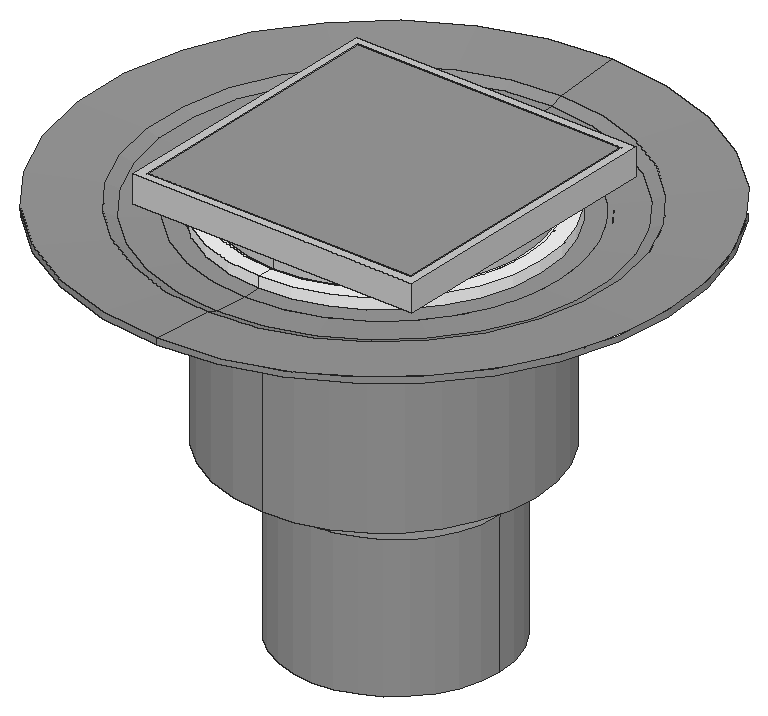
Revit family "HL_Трап для внутренних помещений_HL317", category Instalační zařizovací předměty, Revit 2016
Family settings
  Typ součásti = Normální
  Kóta kulaté spojky = Použít průměr
  Číslo OmniClass = 23.70.50.21.24.14
  Nadpis OmniClass = Deck Waste Water Drains
  Založené na pracovní rovině = Ne
  Vždy vertikální = Ano
  Ořezat dutým tvarem při načtení = Ne
  Sdílené = Ano
  Bod výpočtu místnosti = Ano
Parameters (values of type "HL317")
  РЕШЁТКА = "138 x 138 mm / V2A"
  РАЗМЕР = "DN50/75/110"
  ПРОПУСКНАЯ СПОСОБНОСТЬ = 1.8 L/s
  ПРОИЗВОДИТЕЛЬНОСТЬ = "1,8 l/s"
  ПРАВОВАЯ ИНФОРМАЦИЯ = "Авторские права(©), права на дизайн или какие либо другие права интелектуальной собственности являются исключительной собственностью компании HL Hutterer & Lechner. Изменению не подлежит. Файл семейства с данными о прозводителе изделия защищен паролем с водяным знаком."  # constant formula
  НОМИНАЛЬНЫЙ ДИАМЕТР [instance] = 110 mm
  НАСАДКА = "20-70 mm / 147 x 147 mm / PP"
  МАТЕРИАЛ = "PP"
  МАКСИМАЛЬНАЯ НАГРУЗКА КЛАССА = "K3 - 300kg"
  ВЫСОТА МОНТАЖА = "220 mm"
  ВЕС = "1,05 [kg]"
  SV [instance] = НОМИНАЛЬНЫЙ ДИАМЕТР = 110 mm  # yes
  Připojení ventilace = no
  Výrobce = "HL Hutterer & Lechner GmbH"  # constant formula
  URL = "http://www.hutterer-lechner.com/ru/Products/catalog/floor-drains/attachments/HL317.aspx"
  Připojení odpadu = yes
  Připojení HW = no
  Popis = "Трапы для внутренних помещений"
  Model = "HL317"
  Komentáře k typům = "HL317 Трап для внутренних помещений DN50/75/110 вертикальный 147х147мм/138х138мм"
  Keynote = "HL317"
  Высота монтажа [instance] = 220 mm
  EAN = "9003076703173"
  DN_test [instance] = if(or(НОМИНАЛЬНЫЙ ДИАМЕТР = 50 mm, НОМИНАЛЬНЫЙ ДИАМЕТР = 75 mm, НОМИНАЛЬНЫЙ ДИАМЕТР = 110 mm), 30 mm, 0 mm)  # 30 mm
  Připojení CW = no
  D [instance] = if(НОМИНАЛЬНЫЙ ДИАМЕТР = 110 mm, 6 mm, 0 mm)  # 6 mm
  C [instance] = if(НОМИНАЛЬНЫЙ ДИАМЕТР = 110 mm, 202 mm, if(НОМИНАЛЬНЫЙ ДИАМЕТР = 75 mm, 172 mm, 166 mm))  # 202 mm
  B [instance] = Высота монтажа  # 220 mm
  A [instance] = if(B - 100 mm > 15 mm, B - 100 mm, 15 mm)  # 120 mm
Reference planes
  plane 1 "Center (Front/Back)": y = 0
  plane 2: z = 0
  plane 3 "Center (Left/Right)": x = 0
  plane 4 "Ball Joint Vertical": x = 25.45
  plane 5: z = -220
  plane 6: z = -220
Lines and regions (mm)
  model lines, style "InvisibleLines"
    curve 1: line (0, 0, 0) -> (0, 0, 1000)
  reference lines
    curve 2: line (6, 0, 0) -> (6, 0, -220)
  model lines, detail levels coarse+medium
    curve 3: line (0, 0, -220) -> (0, 0, -100)
    curve 4: line (0, 0, -100) -> (100, 0, 0)
    curve 5: line (0, 0, -100) -> (-100, 0, 0)
  symbolic lines, detail levels coarse+medium
    curve 6: line (-75, 75, 0) -> (75, 75, 0)
    curve 7: line (-75, -75, 0) -> (-75, 75, 0)
    curve 8: line (75, -75, 0) -> (-75, -75, 0)
    curve 9: line (75, 75, 0) -> (75, -75, 0)
    curve 10: line (75, 75, 0) -> (145.711, 145.711, 0)
    curve 11: line (75, -75, 0) -> (145.711, -145.711, 0)
    curve 12: line (-75, 75, 0) -> (-145.711, 145.711, 0)
    curve 13: line (-75, -75, 0) -> (-145.711, -145.711, 0)
  symbolic lines, not visible, detail levels coarse+medium
    curve 14: line (-75, 75, 0) -> (75, 75, 0)
    curve 15: line (-75, -75, 0) -> (-75, 75, 0)
    curve 16: line (75, -75, 0) -> (-75, -75, 0)
    curve 17: line (75, 75, 0) -> (75, -75, 0)
    curve 18: line (75, 75, 0) -> (145.711, 145.711, 0)
    curve 19: line (75, -75, 0) -> (145.711, -145.711, 0)
    curve 20: line (-75, 75, 0) -> (-145.711, 145.711, 0)
    curve 21: line (-75, -75, 0) -> (-145.711, -145.711, 0)
  symbolic lines, style "InvisibleLines", not visible
    curve 22: line (0, 0, 0) -> (0, 0, -30)
Text (mm)
  text "ПОЛ" at (-221.915, 0, -26.556), in view "Drain Construction View"
Dimensions and locks
  locked: plane 4 "Ball Joint Vertical" to plane 3 "Center (Left/Right)" at 25.45
  "Высота монтажа": plane 2 to plane 5
  "A": curve 5 to plane 6
  "B": curve 5 to plane 6
  "B": curve 4 to plane 6
  "B": plane 2 to plane 6
  "DN_test": curve 22 to curve 22
  "D": curve 2 to plane 3 "Center (Left/Right)"
  "C": nested 1 to plane 5
  locked: curve 4 to plane 3 "Center (Left/Right)" (angle 45.00°)
  locked: plane 3 "Center (Left/Right)" to curve 5 (angle 45.00°)
  aligned and locked: level to plane 2
  aligned and locked: plane 2 to curve 1
  aligned and locked: plane 3 "Center (Left/Right)" to curve 1
  aligned and locked: plane 3 "Center (Left/Right)" to curve 3
  aligned and locked: plane 3 "Center (Left/Right)" to curve 5
  aligned and locked: plane 2 to curve 2
  aligned and locked: plane 6 to curve 2
  aligned and locked: plane 6 to curve 3
  aligned and locked: plane 5 to nested 4
Automatic sketch dimensions
  level to curve 1 = 1000 mm
Nested families
  nested 1: "HL_Корпус для трапа внутренних помещений_HL317K" at (0, 0, -18), type "HL317K_Main Component"
  nested 2: "HL_Решётка_HL0317.1E" at (0, 0, 0), type "HL0317.1E_Main Component"
  nested 3: "HL_Насадка_HL0317.2E" at (0, 0, 0), type "HL0317.2E_Main Component"
    with Высота монтажа 20 mm, ВМ_Тест yes, ВМ 40 mm
  nested 4: "HL_Уменьшение_HL0317.4E" at (61, 0, -146) x (0, 0, -1) z (1, 0, 0), visible <- "SV", type "HL0317.4E_Main Component"
  nested 5: "HL_Песколовка_HL0317.5E" at (0, 0, -5), type "HL0317.5E_Main Component"
Connectors
  piping at (6, 0, -220), diameter 110, driven by "ПРОПУСКНАЯ СПОСОБНОСТЬ", driven by "НОМИНАЛЬНЫЙ ДИАМЕТР"
    settings: on curve 2, index 1, connector inside diameter 609.6 mm, connector length 0 mm, flow factor 0, pipe flow 1.8 L/s, pressure drop 0.0 Pa, fitting loss kfactor 0, connector angle 0.00°, fixture units 0, engagement length 0 mm, angle of deflection 0.00°, flow configuration 1, flow direction 2, fitting loss method 0, system type 16, joint type 0, gender type 0, connector reference index -1, connector utility 0, adjustable connector no, is connector primary yes, connector description ""
Definition of nested family "HL_Корпус для трапа внутренних помещений_HL317K"
  Parameters (values of type "HL317K")
    РАЗМЕР = "DN50/75/110"
    ПРАВОВАЯ ИНФОРМАЦИЯ = "Авторские права(©), права на дизайн или какие либо другие права интелектуальной собственности являются исключительной собственностью компании HL Hutterer & Lechner. Изменению не подлежит. Файл семейства с данными о прозводителе изделия защищен паролем с водяным знаком."  # constant formula
    МАТЕРИАЛ = "PP"
    ВЫСОТА МОНТАЖА = "200 mm"
    ВЕС = "0,79 [kg]"
    Waste Connection = yes
    Vent Connection = no
    Manufacturer = "HL Hutterer & Lechner GmbH"  # constant formula
    URL = "http://www.hutterer-lechner.com/ru/Products/catalog/floor-drains/attachments/HL317K.aspx"
    HW Connection = no
    Description = "Трапы для внутренних помещений - Комплектующие"
    Model = "HL317K"
    Type Comments = "HL317K Корпус трапа для внутренних помещений DN50/75/110 вертикальный"
    Keynote = "HL317K"
    EAN = "9003076009022"
    CW Connection = no
  Reference planes
    plane 1 "Center (Front/Back)": y = 0
    plane 2: z = 0
    plane 3 "Center (Left/Right)": x = 0
    plane 4 "Ball Joint Vertical": x = 25.45
  Forms (mm)
    Revolve 1, solid, detail levels fine
      sketch origin (0, 0, 0) x (0, 1, 0) y (0, 0, 1)
        loop
          line (150, -3.007) -> (150, 0) -> (116.132, -2.368) -> (110.257, -4.717) -> (92.001, -6.067) -> (82.5, -6.067) -> (77, -6.067) -> (77, -109.845) -> (30.2, -109.845) -> (30.2, -41.845) -> (27.829, -41.845) -> (27.015, -111.095) -> (21.9, -111.095) -> (21.9, -165.945) -> (25, -165.945) -> (25, -112.845) -> (34.4, -112.845) -> (34.4, -171.845) -> (37.5, -171.845) -> (37.5, -112.845) -> (80, -112.845) -> (80, -38.27) -> (89.2, -25.112) -> (89.2, -17.144) -> (94.095, -17.144) -> (94.527, -8.889) -> (110.94, -7.674) -> (116.81, -5.328) -> (150, -3.007)
        loop
          line (39.5, -91.845) -> (41.5, -91.845) -> (41.5, -19.345) -> (0, -19.345) -> (0, -22.345) -> (39.5, -22.345) -> (39.5, -91.845)
        axis (0, 0) -> (0, -171.845)
      angle from 0 to 360
    Revolve 2, solid, detail levels fine
      sketch origin (0, 0, 0) x (0, 1, 0) y (0, 0, 1)
        loop
          line (82.5, -6.067) -> (82.5, -0.345) -> (74.9, -0.345)
          arc (74.9, -0.345) -> (72.291, -1.865) -> (72.325, -4.884) r 3
          line (72.325, -4.884) -> (73, -6.845) -> (73, -35.321) -> (77, -35.321) -> (77, -6.067) -> (82.5, -6.067)
        axis (0, -0.345) -> (0, -35.321)
      angle from 0 to 360
  Text (mm)
    text "ROOF/FLOOR" at (-198.233, 0, -26.556), in view "Drain Construction View"
  Dimensions and locks
    locked: plane 4 "Ball Joint Vertical" to plane 3 "Center (Left/Right)" at 25.45
    aligned and locked: level to plane 2
Definition of nested family "HL_Решётка_HL0317.1E"
  Parameters (values of type "HL0317.1E")
    РАЗМЕР = "138x138 mm"
    ПРАВОВАЯ ИНФОРМАЦИЯ = "Авторские права(©), права на дизайн или какие либо другие права интелектуальной собственности являются исключительной собственностью компании HL Hutterer & Lechner. Изменению не подлежит. Файл семейства с данными о прозводителе изделия защищен паролем с водяным знаком."  # constant formula
    МАТЕРИАЛ = "V2A"
    МАКСИМАЛЬНАЯ НАГРУЗКА КЛАССА = "K3 - 300 kg"
    ВЕС = "0,20 [kg]"
    Waste Connection = yes
    Vent Connection = no
    Manufacturer = "HL Hutterer & Lechner GmbH"  # constant formula
    URL = "http://www.hutterer-lechner.com/ru/Products/catalog/floor-drains/attachments/HL0317.1E.aspx"
    HW Connection = no
    Description = "Трапы для внутренних помещений - Комплектующие"
    Model = "HL0317.1E"
    Type Comments = "HL0317.1E Решетка для сливных отверстий из высококачественной стали 138х138мм"
    Keynote = "HL0317.1E"
    EAN = "9003076317011"
    CW Connection = no
  Reference planes
    plane 1 "Center (Front/Back)": y = 0
    plane 2: z = 0
    plane 3 "Center (Left/Right)": x = 0
    plane 4 "Ball Joint Vertical": x = 25.45
  Forms (mm)
    Extrusion 1, solid, detail levels fine
      sketch origin (0, 0, 0) x (1, 0, 0) y (0, 1, 0)
        loop
          line (-69, 69) -> (-69, -69) -> (69, -69) -> (69, 69) -> (-69, 69)
      from 0 to -5
  Lines and regions (mm)
    model lines, detail levels fine
      curve 1: line (40.5, 59.75, 0) -> (-40.5, 59.75, 0)
      curve 2: line (-40.5, 52.25, 0) -> (40.5, 52.25, 0)
      curve 3: line (24.5, 43.75, 0) -> (-24.5, 43.75, 0)
      curve 4: line (-24.5, 36.25, 0) -> (24.5, 36.25, 0)
      curve 5: line (8.5, 27.75, 0) -> (-8.5, 27.75, 0)
      curve 6: line (-8.5, 20.25, 0) -> (8.5, 20.25, 0)
      curve 7: arc (-8.5, 27.75, 0) -> (-12.25, 24, 0) -> (-8.5, 20.25, 0) r 3.75
      curve 8: arc (8.5, 20.25, 0) -> (12.25, 24, 0) -> (8.5, 27.75, 0) r 3.75
      curve 9: arc (24.5, 36.25, 0) -> (28.25, 40, 0) -> (24.5, 43.75, 0) r 3.75
      curve 10: arc (40.5, 52.25, 0) -> (44.25, 56, 0) -> (40.5, 59.75, 0) r 3.75
      curve 11: arc (-40.5, 59.75, 0) -> (-44.25, 56, 0) -> (-40.5, 52.25, 0) r 3.75
      curve 12: arc (-24.5, 43.75, 0) -> (-28.25, 40, 0) -> (-24.5, 36.25, 0) r 3.75
      curve 13: line (-59.75, 40.5, 0) -> (-59.75, -40.5, 0)
      curve 14: line (-52.25, -40.5, 0) -> (-52.25, 40.5, 0)
      curve 15: line (-43.75, 24.5, 0) -> (-43.75, -24.5, 0)
      curve 16: line (-36.25, -24.5, 0) -> (-36.25, 24.5, 0)
      curve 17: line (-27.75, 8.5, 0) -> (-27.75, -8.5, 0)
      curve 18: line (-20.25, -8.5, 0) -> (-20.25, 8.5, 0)
      curve 19: arc (-20.25, 8.5, 0) -> (-24, 12.25, 0) -> (-27.75, 8.5, 0) r 3.75
      curve 20: arc (-27.75, -8.5, 0) -> (-24, -12.25, 0) -> (-20.25, -8.5, 0) r 3.75
      curve 21: arc (-43.75, -24.5, 0) -> (-40, -28.25, 0) -> (-36.25, -24.5, 0) r 3.75
      curve 22: arc (-36.25, 24.5, 0) -> (-40, 28.25, 0) -> (-43.75, 24.5, 0) r 3.75
      curve 23: arc (-52.25, 40.5, 0) -> (-56, 44.25, 0) -> (-59.75, 40.5, 0) r 3.75
      curve 24: arc (-59.75, -40.5, 0) -> (-56, -44.25, 0) -> (-52.25, -40.5, 0) r 3.75
      curve 25: line (8.5, -20.25, 0) -> (-8.5, -20.25, 0)
      curve 26: line (-8.5, -27.75, 0) -> (8.5, -27.75, 0)
      curve 27: line (24.5, -36.25, 0) -> (-24.5, -36.25, 0)
      curve 28: line (-24.5, -43.75, 0) -> (24.5, -43.75, 0)
      curve 29: line (40.5, -52.25, 0) -> (-40.5, -52.25, 0)
      curve 30: line (-40.5, -59.75, 0) -> (40.5, -59.75, 0)
      curve 31: arc (-40.5, -52.25, 0) -> (-44.25, -56, 0) -> (-40.5, -59.75, 0) r 3.75
      curve 32: arc (40.5, -59.75, 0) -> (44.25, -56, 0) -> (40.5, -52.25, 0) r 3.75
      curve 33: arc (24.5, -43.75, 0) -> (28.25, -40, 0) -> (24.5, -36.25, 0) r 3.75
      curve 34: arc (-24.5, -36.25, 0) -> (-28.25, -40, 0) -> (-24.5, -43.75, 0) r 3.75
      curve 35: arc (-8.5, -20.25, 0) -> (-12.25, -24, 0) -> (-8.5, -27.75, 0) r 3.75
      curve 36: arc (8.5, -27.75, 0) -> (12.25, -24, 0) -> (8.5, -20.25, 0) r 3.75
      curve 37: line (20.25, 8.5, 0) -> (20.25, -8.5, 0)
      curve 38: line (27.75, -8.5, 0) -> (27.75, 8.5, 0)
      curve 39: line (36.25, 24.5, 0) -> (36.25, -24.5, 0)
      curve 40: line (43.75, -24.5, 0) -> (43.75, 24.5, 0)
      curve 41: line (52.25, 40.5, 0) -> (52.25, -40.5, 0)
      curve 42: line (59.75, -40.5, 0) -> (59.75, 40.5, 0)
      curve 43: arc (52.25, -40.5, 0) -> (56, -44.25, 0) -> (59.75, -40.5, 0) r 3.75
      curve 44: arc (36.25, -24.5, 0) -> (40, -28.25, 0) -> (43.75, -24.5, 0) r 3.75
      curve 45: arc (20.25, -8.5, 0) -> (24, -12.25, 0) -> (27.75, -8.5, 0) r 3.75
      curve 46: arc (27.75, 8.5, 0) -> (24, 12.25, 0) -> (20.25, 8.5, 0) r 3.75
      curve 47: arc (43.75, 24.5, 0) -> (40, 28.25, 0) -> (36.25, 24.5, 0) r 3.75
      curve 48: arc (59.75, 40.5, 0) -> (56, 44.25, 0) -> (52.25, 40.5, 0) r 3.75
      curve 49: line (-6.994, -2.339, 0) -> (-2.397, -6.935, 0)
      curve 50: line (-4.077, -3.134, 0) -> (-5.933, -1.278, 0)
      curve 51: line (-1.337, -5.874, 0) -> (-3.193, -4.018, 0)
      curve 52: line (-3.193, -4.018, 0) -> (-0.718, -1.543, 0)
      curve 53: line (-1.602, -0.659, 0) -> (-4.077, -3.134, 0)
      curve 54: line (-0.718, -1.543, 0) -> (1.138, -3.399, 0)
      curve 55: line (-3.458, 1.197, 0) -> (-1.602, -0.659, 0)
      curve 56: line (-1.337, 3.318, 0) -> (2.906, -0.925, 0)
      curve 57: line (3.967, 0.136, 0) -> (-0.276, 4.379, 0)
      curve 58: line (6.353, 2.523, 0) -> (3.967, 0.136, 0)
      curve 59: line (4.674, -0.925, 0) -> (7.237, 1.639, 0)
      curve 60: arc (-6.994, -2.339, 0) -> (-6.994, -1.278, 0) -> (-5.933, -1.278, 0) r 0.75
      curve 61: arc (-3.458, 1.197, 0) -> (-3.458, 2.257, 0) -> (-2.397, 2.257, 0) r 0.75
      curve 62: arc (-1.337, 3.318, 0) -> (-1.337, 4.379, 0) -> (-0.276, 4.379, 0) r 0.75
      curve 63: arc (6.353, 2.523, 0) -> (7.237, 2.523, 0) -> (7.237, 1.639, 0) r 0.625
      curve 64: arc (2.906, -0.925, 0) -> (3.79, -1.291, 0) -> (4.674, -0.925, 0) r 1.25
      curve 65: arc (-2.397, -6.935, 0) -> (-1.337, -6.935, 0) -> (-1.337, -5.874, 0) r 0.75
      curve 66: arc (1.138, -3.399, 0) -> (2.183, -3.416, 0) -> (2.232, -2.372, 0) r 0.751
      curve 67: line (2.232, -2.372, 0) -> (-2.397, 2.257, 0)
    model lines
      curve 68: line (0, 0, 0) -> (0, 0, 100)
  Text (mm)
    text "ROOF/FLOOR" at (-198.233, 0, -26.556), in view "Drain Construction View"
  Dimensions and locks
    locked: plane 4 "Ball Joint Vertical" to plane 3 "Center (Left/Right)" at 25.45
    aligned and locked: level to plane 2
Definition of nested family "HL_Насадка_HL0317.2E"
  Parameters (values of type "HL0317.2E")
    РАЗМЕР = "d 145 mm"
    ПРАВОВАЯ ИНФОРМАЦИЯ = "Авторские права(©), права на дизайн или какие либо другие права интелектуальной собственности являются исключительной собственностью компании HL Hutterer & Lechner. Изменению не подлежит. Файл семейства с данными о прозводителе изделия защищен паролем с водяным знаком."  # constant formula
    НАСАДКА = "147x147mm"
    МАТЕРИАЛ = "PP-V2A"
    Высота монтажа [instance] = 70 mm
    ВЫСОТА МОНТАЖА = "20-70mm"
    ВМ_Тест [instance] = and(or(Высота монтажа < ВМ_Max, Высота монтажа > ВМ_Min, Высота монтажа = ВМ_Min))  # yes
    ВМ_Min = 20 mm
    ВМ_Max = 70 mm
    ВМ [instance] = if(ВМ_Тест, Высота монтажа + 20 mm, 0 mm)  # 90 mm
    ВЕС = "0,13 [kg]"
    Waste Connection = yes
    Vent Connection = no
    Manufacturer = "HL Hutterer & Lechner GmbH"  # constant formula
    URL = "http://www.hutterer-lechner.com/ru/Products/catalog/floor-drains/attachments/HL0317.2E.aspx"
    HW Connection = no
    Description = "Трапы для внутренних помещений - Комплектующие"
    Model = "HL0317.2E"
    Type Comments = "HL0317.2E Насадные подрамники d 145мм/90мм/147х147мм"
    Keynote = "HL0317.2E"
    EAN = "9003076317028"
    CW Connection = no
  Reference planes
    plane 1 "Center (Front/Back)": y = 0
    plane 2: z = 0
    plane 3 "Center (Left/Right)": x = 0
    plane 4 "Ball Joint Vertical": x = 25.45
    plane 5: z = -90
  Forms (mm)
    Extrusion 1, solid, detail levels fine
      sketch origin (0, 0, 0) x (1, 0, 0) y (0, 1, 0)
        loop
          line (69.5, 69.5) -> (-69.5, 69.5) -> (-69.5, -69.5) -> (69.5, -69.5) -> (69.5, 69.5)
        loop
          line (73.5, 73.5) -> (-73.5, 73.5) -> (-73.5, -73.5) -> (73.5, -73.5) -> (73.5, 73.5)
      from 0 to -14
    Extrusion 2, solid, detail levels fine
      sketch origin (0, 0, 0) x (1, 0, 0) y (0, 1, 0)
        loop
          line (-21.332, 69.5) -> (-69.5, 69.5) -> (-69.5, 21.332)
          arc (-69.5, 21.332) -> (-51.407, 51.407) -> (-21.332, 69.5) r 72.7
        loop
          line (69.5, 21.332) -> (69.5, 69.5) -> (21.332, 69.5)
          arc (21.332, 69.5) -> (51.407, 51.407) -> (69.5, 21.332) r 72.7
        loop
          line (21.332, -69.5) -> (69.5, -69.5) -> (69.5, -21.332)
          arc (69.5, -21.332) -> (51.407, -51.407) -> (21.332, -69.5) r 72.7
        loop
          line (-69.5, -21.332) -> (-69.5, -69.5) -> (-21.332, -69.5)
          arc (-21.332, -69.5) -> (-51.407, -51.407) -> (-69.5, -21.332) r 72.7
      from -5 to -14
    Revolve 3, solid, detail levels fine
      sketch origin (0, 0, 0) x (0, 1, 0) y (0, 0, 1)
        loop
          line (72.5, -14) -> (69.3, -14) -> (69.3, -90) -> (72.5, -90) -> (72.5, -14)
        axis (0, -14) -> (0, -90)
      angle from 0 to 360
  Cuts and joins
    joined: Extrusion 1, Extrusion 2, Revolve 3
  Lines and regions (mm)
    symbolic lines, not visible
      curve 1: line (0, 0, -90) -> (0, 0, 0)
    model lines
      curve 2: line (0, 0, 0) -> (0, 0, 100)
  Text (mm)
    text "ROOF/FLOOR" at (-198.233, 0, -26.556), in view "Drain Construction View"
  Dimensions and locks
    locked: plane 4 "Ball Joint Vertical" to plane 3 "Center (Left/Right)" at 25.45
    "ВМ": plane 2 to plane 5
    aligned and locked: level to plane 2
    aligned and locked: plane 5 to cut or joined group of Extrusion 1, Extrusion 2, Revolve 3
    aligned and locked: plane 2 to curve 1
    aligned and locked: plane 5 to curve 1
    aligned and locked: plane 3 "Center (Left/Right)" to curve 1
  Automatic sketch dimensions
    Extrusion 1 sketch curve to plane 3 "Center (Left/Right)" = 73.5 mm
    Extrusion 1 sketch curve to Extrusion 1 sketch curve = 4 mm  (x4)
    plane 4 "Ball Joint Vertical" to Extrusion 1 sketch curve = 44.05 mm
    plane 1 "Center (Front/Back)" to Extrusion 1 sketch curve = 73.5 mm
    Extrusion 1 sketch curve to plane 1 "Center (Front/Back)" = 69.5 mm
    Extrusion 2 sketch curve to Extrusion 2 sketch curve = 0 mm  (x13)
    plane 1 "Center (Front/Back)" to Extrusion 2 sketch curve = 0 mm
    Extrusion 2 sketch curve to plane 3 "Center (Left/Right)" = 0 mm
    Extrusion 2 sketch curve to plane 3 "Center (Left/Right)" = 21.332 mm  (x2)
    Extrusion 2 sketch curve to Extrusion 2 sketch curve = 48.168 mm  (x2)
    Extrusion 2 sketch curve to plane 4 "Ball Joint Vertical" = 4.118 mm  (x2)
    plane 4 "Ball Joint Vertical" to Extrusion 2 sketch curve = 44.05 mm  (x2)
    plane 1 "Center (Front/Back)" to Extrusion 2 sketch curve = 21.332 mm  (x2)
    Extrusion 2 sketch curve to plane 1 "Center (Front/Back)" = 21.332 mm
    Extrusion 2 sketch curve to plane 1 "Center (Front/Back)" = 69.5 mm
    Revolve 3 sketch curve to plane 1 "Center (Front/Back)" = 0 mm
    Revolve 3 sketch curve to plane 5 = 0 mm
    Revolve 3 sketch curve to level = 14 mm
    Revolve 3 sketch curve to plane 1 "Center (Front/Back)" = 69.3 mm
    Revolve 3 sketch curve to Revolve 3 sketch curve = 3.2 mm
    Revolve 3 sketch curve to plane 5 = 430.992 mm
    level to Revolve 3 sketch curve = 2741.474 mm
    curve 2 to curve 2 = 100 mm
Definition of nested family "HL_Уменьшение_HL0317.4E"
  Parameters (values of type "HL0317.4E")
    РАЗМЕР = "DN110xDN75"
    ПРАВОВАЯ ИНФОРМАЦИЯ = "Авторские права(©), права на дизайн или какие либо другие права интелектуальной собственности являются исключительной собственностью компании HL Hutterer & Lechner. Изменению не подлежит. Файл семейства с данными о прозводителе изделия защищен паролем с водяным знаком."  # constant formula
    МАТЕРИАЛ = "PP"
    ВЕС = "0,10 [kg]"
    Waste Connection = yes
    Vent Connection = no
    Manufacturer = "HL Hutterer & Lechner GmbH"  # constant formula
    URL = "http://www.hutterer-lechner.com/ru/Products/catalog/floor-drains/attachments/HL0317.4E.aspx"
    HW Connection = no
    Description = "Трапы для внутренних помещений - Комплектующие"
    Model = "HL0317.4E"
    Type Comments = "HL0317.4E Уменьшение DN110xDN75"
    Keynote = "HL0317.4E"
    EAN = "9003076317042"
    CW Connection = no
  Reference planes
    plane 1 "Center (Front/Back)": y = 0
    plane 2: z = 0
    plane 3 "Center (Left/Right)": x = 0
    plane 4 "Ball Joint Vertical": x = 25.45
  Forms (mm)
    Revolve 1, solid, detail levels fine
      sketch origin (0, 0, 0) x (1, 0, 0) y (0, 0, 1)
        loop
          line (74, -2.7) -> (74, 0) -> (0, 0) -> (0, -55) -> (3, -55) -> (3, -2.7) -> (74, -2.7)
        axis (74, -55) -> (0, -55)
      angle from 0 to 360
    Revolve 2, solid, detail levels fine
      sketch origin (0, 0, 0) x (1, 0, 0) y (0, 0, 1)
        loop
          line (-15, -21.165) -> (-15, -23.3) -> (39.9, -23.3) -> (39.9, -21.3) -> (0, -21.3) -> (0, -17) -> (-8.629, -17) -> (-11.112, -21.165) -> (-15, -21.165)
        axis (-15, -61) -> (39.9, -61)
      angle from 0 to 360
    Extrusion 3, void
      sketch origin (0, 0, 0) x (0, 1, 0) y (0, 0, 1)
        loop
          arc (-33.715, -46.537) -> (-35.917, -53.62) -> (-36.661, -61) r 36.983
          arc (-36.661, -61) -> (-12.182, -95.805) -> (28.85, -84.535) r 36.983
          arc (28.85, -84.535) -> (31.932, -80.198) -> (34.36, -75.463) r 36.983
          arc (34.36, -75.463) -> (36.561, -68.38) -> (37.305, -61) r 36.983
          arc (37.305, -61) -> (7.702, -24.761) -> (-33.715, -46.537) r 36.983
      from 55.439 to -38.757
  Cuts and joins
    Extrusion 3 cuts Revolve 1
  Text (mm)
    text "ROOF/FLOOR" at (-198.233, 0, -26.556), in view "Drain Construction View"
  Dimensions and locks
    locked: plane 4 "Ball Joint Vertical" to plane 3 "Center (Left/Right)" at 25.45
    aligned and locked: level to plane 2
Definition of nested family "HL_Песколовка_HL0317.5E"
  Parameters (values of type "HL0317.5E")
    ПРАВОВАЯ ИНФОРМАЦИЯ = "Авторские права(©), права на дизайн или какие либо другие права интелектуальной собственности являются исключительной собственностью компании HL Hutterer & Lechner. Изменению не подлежит. Файл семейства с данными о прозводителе изделия защищен паролем с водяным знаком."  # constant formula
    МАТЕРИАЛ = "PP"
    ВЕС = "0,03[kg]"
    Waste Connection = yes
    Vent Connection = no
    Manufacturer = "HL Hutterer & Lechner GmbH"  # constant formula
    URL = "http://www.hutterer-lechner.com/ru/Products/catalog/floor-drains/attachments/HL0317.5E.aspx"
    HW Connection = no
    Description = "Трапы для внутренних помещений - Комплектующие"
    Model = "HL0317.5E"
    Type Comments = "HL0317.5E Песколовка"
    Keynote = "HL0317.5E"
    EAN = "9003076317059"
    CW Connection = no
  Reference planes
    plane 1 "Center (Front/Back)": y = 0
    plane 2: z = 0
    plane 3 "Center (Left/Right)": x = 0
    plane 4 "Ball Joint Vertical": x = 25.45
  Forms (mm)
    Revolve 1, solid, detail levels fine
      sketch origin (0, 0, 0) x (0, 1, 0) y (0, 0, 1)
        loop
          line (69, -29) -> (69, 0) -> (67.3, 0) -> (67.3, -27.3) -> (22, -27.3) -> (22, -8) -> (19, -8) -> (19, -29) -> (69, -29)
        axis (0, 0) -> (0, -29)
      angle from 0 to 360
  Lines and regions (mm)
    model lines, detail levels fine
      curve 1: circle (-44.62, 0, -27.3) r 5 normal (0, 0, 1)
      curve 2: circle (0, 44.62, -27.3) r 5 normal (0, 0, 1)
      curve 3: circle (44.62, 0, -27.3) r 5 normal (0, 0, 1)
      curve 4: circle (0, -44.62, -27.3) r 5 normal (0, 0, -1)
      curve 5: circle (-38.642, 22.31, -27.3) r 5 normal (0, 0, 1)
      curve 6: circle (22.31, 38.642, -27.3) r 5 normal (0, 0, 1)
      curve 7: circle (38.642, -22.31, -27.3) r 5 normal (0, 0, 1)
      curve 8: circle (-22.31, -38.642, -27.3) r 5 normal (0, 0, -1)
      curve 9: circle (-22.31, 38.642, -27.3) r 5 normal (0, 0, 1)
      curve 10: circle (38.642, 22.31, -27.3) r 5 normal (0, 0, 1)
      curve 11: circle (22.31, -38.642, -27.3) r 5 normal (0, 0, 1)
      curve 12: circle (-38.642, -22.31, -27.3) r 5 normal (0, 0, -1)
  Text (mm)
    text "ROOF/FLOOR" at (-198.233, 0, -26.556), in view "Drain Construction View"
  Dimensions and locks
    locked: plane 4 "Ball Joint Vertical" to plane 3 "Center (Left/Right)" at 25.45
    aligned and locked: level to plane 2
